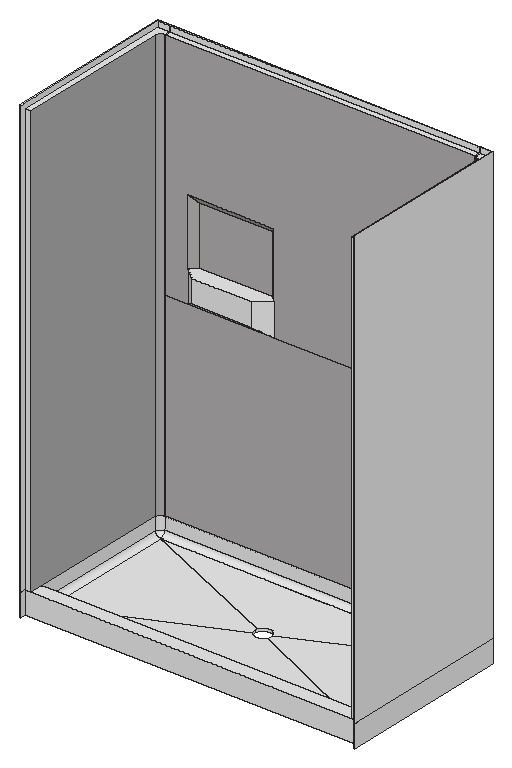
Revit family "5LBS6030", category Plumbing Fixtures, Revit 2017
Family settings
  Round Connector Dimension = Use Diameter
  Part Type = Normal
  OmniClass Number = 23.45.05.14.17
  OmniClass Title = Showers
  Work Plane-Based = No
  Always vertical = Yes
  Cut with Voids When Loaded = No
  Shared = No
  Room Calculation Point = No
Parameters (values of type "5LBS6030")
  Unit Width = 60"
  Unit Height = 82 1/4"
  URL = "http://www.bestbath.com/"
  Type Comments = "Remodeler"
  Model = "5LBS6030"
  Material [instance] = Best Bath Gelcoat Fiberglass - 4 x 8 Subway Tile
  Manufacturer = "Best Bath Systems, Inc."
  Keynote = "22 40 00.B3"
  Description = "4 x 8 Subway Tile Finish"
  Assembly Code = "D2010710"
Reference planes (in)
  plane 1 "Back": y = -0.5
  plane 2: z = 0
  plane 3 "Left": x = 0
  plane 4: x = 60
  plane 5: y = -30.5
  plane 6: z = 81.25
  plane 7: z = 0.75
  plane 8: z = 82.25
  plane 9: x = 30
  plane 10: y = -1.75
  plane 11: y = -14.5
  plane 12: z = 0.375
  plane 13: z = 4
  plane 14: z = 39.5
  plane 15: y = -31.5
  plane 16: z = 45.25
Forms (in)
  Extrusion 1, solid, material "Best Bath Gelcoat Fiberglass - Smooth"
    sketch origin (0, 0, 0) x (1, 0, 0) y (0, 1, 0)
      loop
        line (0, -0.5) -> (0, -30.5) -> (60, -30.5) -> (60, -0.5) -> (0, -0.5)
      loop
        circle (30, -14.5) r 1.5
    from 0 to 0.75
  Extrusion 2, solid, material "Best Bath Gelcoat Fiberglass - Smooth"
    sketch origin (0, 0, 0) x (1, 0, 0) y (0, 1, 0)
      loop
        line (2.25, -0.5) -> (2.25, -1.75) -> (57.75, -1.75) -> (57.75, -0.5) -> (2.25, -0.5)
    from 4 to 39.5
  Extrusion 3, solid, material "Best Bath Gelcoat Fiberglass - Smooth"
    sketch origin (0, 0, 0) x (1, 0, 0) y (0, 1, 0)
      loop
        line (0, -30.5) -> (1.25, -30.5) -> (1.25, -2.75)
        arc (1.25, -2.75) -> (1.54289, -2.04289) -> (2.25, -1.75) r 1
        line (2.25, -1.75) -> (57.75, -1.75)
        arc (57.75, -1.75) -> (58.45711, -2.04289) -> (58.75, -2.75) r 1
        line (58.75, -2.75) -> (58.75, -30.5) -> (60, -30.5) -> (60, -0.5) -> (0, -0.5) -> (0, -30.5)
    from 0 to 4
  Extrusion 4, solid, material "Best Bath Gelcoat Fiberglass - Smooth"
    sketch origin (0, 0, 0) x (1, 0, 0) y (0, 1, 0)
      loop
        line (0, -30.5) -> (1.25, -30.5) -> (1.25, -2.75)
        arc (1.25, -2.75) -> (1.54289, -2.04289) -> (2.25, -1.75) r 1
        line (2.25, -1.75) -> (2.25, -0.5) -> (0, -0.5) -> (0, -30.5)
      loop
        line (58.75, -30.5) -> (60, -30.5) -> (60, -0.5) -> (57.75, -0.5) -> (57.75, -1.75)
        arc (57.75, -1.75) -> (58.45711, -2.04289) -> (58.75, -2.75) r 1
        line (58.75, -2.75) -> (58.75, -30.5)
    from 4 to 81.25
  Sweep 5, solid, material "Best Bath Gelcoat Fiberglass - Smooth"
    path origin (0, 0, 0) x (1, 0, 0) y (0, 1, 0)
      loop
        line (1.25, -30.5) -> (1.25, -2.75)
        arc (1.25, -2.75) -> (1.54289, -2.04289) -> (2.25, -1.75) r 1
        line (2.25, -1.75) -> (57.75, -1.75)
        arc (57.75, -1.75) -> (58.45711, -2.04289) -> (58.75, -2.75) r 1
        line (58.75, -2.75) -> (58.75, -30.5)
    profile origin (1.25, -16.625, 0) x (-1, 0, 0) y (0, 0, 1)
      loop
        line (0, 0.75) -> (0, 1.7)
        arc (0, 1.7) -> (-0.27825, 1.02825) -> (-0.95, 0.75) r 0.95
        line (-0.95, 0.75) -> (0, 0.75)
  Blend 6, void
    base sketch origin (0, 0, 0) x (1, 0, 0) y (0, 1, 0)
      loop
        line (2.25, -27.5) -> (57.75, -27.5) -> (57.75, -2.75) -> (2.25, -2.75) -> (2.25, -27.5)
    top sketch origin (0, 0, 0) x (1, 0, 0) y (0, 1, 0)
      loop
        circle (30, -14.5) r 0.07155
    from 0.75 to 0.375
  Extrusion 7, solid, material "Best Bath Gelcoat Fiberglass - Smooth"
    sketch origin (0, 0, 0) x (1, 0, 0) y (0, 1, 0)
      loop
        line (2.25, -0.5) -> (2.25, -1.75) -> (57.75, -1.75) -> (57.75, -0.5) -> (2.25, -0.5)
    from 39.5 to 81.25
  Sweep 8, solid, material "Best Bath Gelcoat Fiberglass - Smooth"
    path origin (0, 0, 0) x (1, 0, 0) y (0, 1, 0)
      loop
        line (1.25, -30.5) -> (58.75, -30.5)
    profile origin (30, -30.5, 0) x (0, 1, 0) y (0, 0, 1)
      loop
        line (0, 0) -> (3.15, 0) -> (2.35, 4) -> (0, 4) -> (0, 0)
  Extrusion 9, solid, material "Best Bath Gelcoat Fiberglass - Smooth"
    sketch origin (0, 0, 0) x (1, 0, 0) y (0, 1, 0)
      loop
        line (0, -30.5) -> (0, -31.5) -> (0.125, -31.5) -> (0.125, -30.5) -> (0, -30.5)
      loop
        line (60, -30.5) -> (59.875, -30.5) -> (59.875, -31.5) -> (60, -31.5) -> (60, -30.5)
    from 0 to 4
  Extrusion 10, solid, material "Best Bath Gelcoat Fiberglass - Smooth"
    sketch origin (0, 0, 0) x (1, 0, 0) y (0, 1, 0)
      loop
        line (2.25, -0.5) -> (2.25, -0.625) -> (57.75, -0.625) -> (57.75, -0.5) -> (2.25, -0.5)
    from 81.25 to 82.25
  Extrusion 11, solid, material "Best Bath Gelcoat Fiberglass - Smooth"
    sketch origin (0, 0, 0) x (1, 0, 0) y (0, 1, 0)
      loop
        line (0, -31.5) -> (0.125, -31.5) -> (0.125, -0.625) -> (2.25, -0.625) -> (2.25, -0.5) -> (0, -0.5) -> (0, -31.5)
      loop
        line (60, -31.5) -> (60, -0.5) -> (57.75, -0.5) -> (57.75, -0.625) -> (59.875, -0.625) -> (59.875, -31.5) -> (60, -31.5)
    from 4 to 82.25
  Blend 12, void
    base sketch origin (59.5, -38.5, 0.5) x (-1, 0, 0) y (0, 0, -1)
      loop
        line (37.75, -44.75) -> (37.75, -56.5) -> (53.25, -56.5) -> (53.25, -44.75) -> (37.75, -44.75)
    top sketch origin (59.5, -38.5, 0.5) x (-1, 0, 0) y (0, 0, -1)
      loop
        line (39, -44.75) -> (39, -55.25) -> (52, -55.25) -> (52, -44.75) -> (39, -44.75)
    from -36.75 to -37.75
  Blend 13, solid, material "Best Bath Gelcoat Fiberglass - Smooth"
    base sketch origin (59.5, -38, 0.5) x (-1, 0, 0) y (0, 0, -1)
      loop
        line (53.25, -44.75) -> (53.25, -39) -> (37.75, -39) -> (37.75, -44.75) -> (53.25, -44.75)
    top sketch origin (59.5, -38, 0.5) x (-1, 0, 0) y (0, 0, -1)
      loop
        line (40.125, -44.75) -> (50.875, -44.75) -> (50.875, -40.625) -> (40.125, -40.625) -> (40.125, -44.75)
    from -36.25 to -34.25
  Blend 14, void
    base sketch origin (0.5, -38.5, 0.5) x (1, 0, 0) y (0, 0, 1)
      loop
        line (37.75, 44.75) -> (53.25, 44.75) -> (53.25, 56.5) -> (37.75, 56.5) -> (37.75, 44.75)
    top sketch origin (0.5, -38.5, 0.5) x (1, 0, 0) y (0, 0, 1)
      loop
        line (39, 44.75) -> (52, 44.75) -> (52, 55.25) -> (39, 55.25) -> (39, 44.75)
    from -36.75 to -37.75
  Blend 15, solid, material "Best Bath Gelcoat Fiberglass - Smooth"
    base sketch origin (0.5, -38, 0.5) x (1, 0, 0) y (0, 0, 1)
      loop
        line (53.25, 44.75) -> (37.75, 44.75) -> (37.75, 39) -> (53.25, 39) -> (53.25, 44.75)
    top sketch origin (0.5, -38, 0.5) x (1, 0, 0) y (0, 0, 1)
      loop
        line (40.125, 44.75) -> (40.125, 40.625) -> (50.875, 40.625) -> (50.875, 44.75) -> (40.125, 44.75)
    from -36.25 to -34.25
Cuts and joins
  Blend 6 cuts Extrusion 1
  Blend 6 cuts Extrusion 3
  Blend 6 cuts Sweep 5
  joined: Extrusion 1, Extrusion 3, Sweep 5, Sweep 8, Extrusion 9
  Blend 12, Blend 14 cuts Extrusion 7
  Blend 12, Blend 14 cuts Extrusion 10
  Blend 14 cuts Blend 13
  joined: Extrusion 7, Extrusion 10, Blend 13
  joined: Extrusion 4, Extrusion 11
Dimensions and locks (in)
  "Unit Width": plane 3 "Left" to plane 4
  locked: plane 7 to level at 0.75
  locked: plane 8 to plane 6 at 1
  "Unit Height": plane 8 to level
  plane 3 "Left" to plane 9 to plane 4 = 30", 30"
  plane 1 "Back" to plane 11 = 14"
  plane 10 to plane 1 "Back" = 1 1/4"
  locked: plane 7 to plane 12 at 0.375
  locked: plane 14 to plane 13 at 35.5
  plane 13 to level = 4"
  locked: plane 5 to plane 15 at 1
  locked: plane 15 to plane 1 "Back" at 31
  plane 16 to plane 14 = 5 3/4"
  aligned and locked: level to plane 2
  aligned and locked: Extrusion 1 to plane 7
  aligned and locked: plane 5 to Extrusion 1 sketch curve
  aligned and locked: plane 4 to Extrusion 1 sketch curve
  aligned and locked: Extrusion 2 sketch curve to Extrusion 1
  aligned and locked: Extrusion 2 sketch curve to plane 10
  aligned and locked: plane 11 to Extrusion 1 sketch curve
  aligned and locked: plane 9 to Extrusion 1 sketch curve
  aligned and locked: plane 13 to Extrusion 3
  aligned and locked: Extrusion 2 to plane 13
  aligned and locked: Extrusion 4 to Extrusion 2
  aligned and locked: plane 6 to Extrusion 4
  aligned and locked: Sweep 5 sketch curve to plane 7
  aligned and locked: plane 11 to Blend 6 sketch curve
  aligned and locked: plane 9 to Blend 6 sketch curve
  aligned and locked: Blend 6 to plane 12
  aligned and locked: Extrusion 1 to Blend 6
  aligned and locked: plane 14 to Extrusion 2
  aligned and locked: Extrusion 7 to Extrusion 2
  aligned and locked: plane 6 to Extrusion 7
  aligned and locked: Extrusion 9 to Extrusion 2
  aligned and locked: plane 8 to Extrusion 10
  aligned and locked: Extrusion 10 to plane 6
  aligned and locked: Extrusion 11 to Extrusion 2
  aligned and locked: plane 8 to Extrusion 11
Automatic sketch dimensions
  Extrusion 1 sketch curve to plane 3 "Left" = 0"
  plane 1 "Back" to Extrusion 1 sketch curve = 0"
  plane 3 "Left" to Extrusion 2 sketch curve = 2 1/4"
  plane 4 to Extrusion 2 sketch curve = 2 1/4"
  Extrusion 3 sketch curve to plane 3 "Left" = 0"
  Extrusion 3 sketch curve to plane 5 = 0"  (x2)
  Extrusion 3 sketch curve to plane 10 = 0"
  plane 1 "Back" to Extrusion 3 sketch curve = 0"
  Extrusion 3 sketch curve to plane 4 = 0"
  plane 3 "Left" to Extrusion 3 sketch curve = 1 1/4"
  Extrusion 3 sketch curve to plane 10 = 1"
  plane 4 to Extrusion 3 sketch curve = 2 1/4"
  plane 4 to Extrusion 3 sketch curve = 1 1/4"
  Extrusion 4 sketch curve to plane 3 "Left" = 0"
  Extrusion 4 sketch curve to plane 5 = 0"  (x2)
  Extrusion 4 sketch curve to plane 10 = 0"  (x2)
  plane 1 "Back" to Extrusion 4 sketch curve = 0"  (x2)
  Extrusion 4 sketch curve to plane 4 = 0"
  plane 3 "Left" to Extrusion 4 sketch curve = 1 1/4"
  Extrusion 4 sketch curve to plane 10 = 1"  (x2)
  Extrusion 4 sketch curve to Extrusion 4 sketch curve = 2 1/4"
  Sweep 5 sketch curve to plane 5 = 0"  (x2)
  Sweep 5 sketch curve to plane 10 = 0"
  plane 3 "Left" to Sweep 5 sketch curve = 1 1/4"
  Sweep 5 sketch curve to Sweep 5 sketch curve = 1"
  Sweep 5 sketch curve to plane 10 = 1"
  plane 4 to Sweep 5 sketch curve = 2 1/4"
  Sweep 5 sketch curve to profile plane = 0"
  profile plane to Sweep 5 sketch curve = 0.95"
  Blend 6 sketch curve to plane 10 = 1"
  plane 3 "Left" to Blend 6 sketch curve = 2 1/4"
  plane 4 to Blend 6 sketch curve = 2 1/4"
  plane 5 to Blend 6 sketch curve = 3"
  plane 1 "Back" to Extrusion 7 sketch curve = 0"
  Extrusion 7 sketch curve to plane 10 = 0"
  plane 3 "Left" to Extrusion 7 sketch curve = 2 1/4"
  plane 4 to Extrusion 7 sketch curve = 2 1/4"
  Sweep 8 sketch curve to plane 5 = 0"
  plane 3 "Left" to Sweep 8 sketch curve = 1 1/4"
  plane 4 to Sweep 8 sketch curve = 1 1/4"
  Extrusion 9 sketch curve to plane 3 "Left" = 0"
  Extrusion 9 sketch curve to plane 15 = 0"  (x2)
  Extrusion 9 sketch curve to plane 5 = 0"  (x2)
  Extrusion 9 sketch curve to plane 4 = 0"
  plane 3 "Left" to Extrusion 9 sketch curve = 1/8"
  Extrusion 9 sketch curve to Extrusion 9 sketch curve = 1/8"
  plane 1 "Back" to Extrusion 10 sketch curve = 0"
  plane 1 "Back" to Extrusion 10 sketch curve = 1/8"
  plane 3 "Left" to Extrusion 10 sketch curve = 2 1/4"
  plane 4 to Extrusion 10 sketch curve = 2 1/4"
  Extrusion 11 sketch curve to plane 3 "Left" = 0"
  Extrusion 11 sketch curve to plane 15 = 0"  (x2)
  plane 1 "Back" to Extrusion 11 sketch curve = 0"  (x2)
  Extrusion 11 sketch curve to plane 4 = 0"
  plane 3 "Left" to Extrusion 11 sketch curve = 1/8"
  plane 1 "Back" to Extrusion 11 sketch curve = 1/8"  (x2)
  Extrusion 11 sketch curve to Extrusion 11 sketch curve = 2 1/8"
  Extrusion 11 sketch curve to Extrusion 11 sketch curve = 2 1/4"
  Extrusion 11 sketch curve to Extrusion 11 sketch curve = 1/8"
  Blend 12 sketch curve to plane 16 = 0"  (x2)
  plane 9 to Blend 12 sketch curve = 8 1/4"
  plane 3 "Left" to Blend 12 sketch curve = 6 1/4"
  plane 16 to Blend 12 sketch curve = 11 3/4"
  plane 9 to Blend 12 sketch curve = 9 1/2"
  plane 3 "Left" to Blend 12 sketch curve = 7 1/2"
  plane 16 to Blend 12 sketch curve = 10 1/2"
  Blend 13 sketch curve to plane 16 = 0"  (x2)
  Blend 13 sketch curve to plane 14 = 0"
  plane 9 to Blend 13 sketch curve = 8 1/4"
  plane 3 "Left" to Blend 13 sketch curve = 6 1/4"
  plane 14 to Blend 13 sketch curve = 1 5/8"
  plane 9 to Blend 13 sketch curve = 10 5/8"
  plane 3 "Left" to Blend 13 sketch curve = 8 5/8"
  Blend 14 sketch curve to plane 16 = 0"  (x2)
  Blend 14 sketch curve to plane 9 = 8 1/4"
  plane 4 to Blend 14 sketch curve = 6 1/4"
  plane 16 to Blend 14 sketch curve = 11 3/4"
  Blend 14 sketch curve to plane 9 = 9 1/2"
  plane 4 to Blend 14 sketch curve = 7 1/2"
  plane 16 to Blend 14 sketch curve = 10 1/2"
  Blend 15 sketch curve to plane 16 = 0"  (x2)
  Blend 15 sketch curve to plane 14 = 0"
  Blend 15 sketch curve to plane 9 = 8 1/4"
  plane 4 to Blend 15 sketch curve = 6 1/4"
  plane 14 to Blend 15 sketch curve = 1 5/8"
  Blend 15 sketch curve to plane 9 = 10 5/8"
  plane 4 to Blend 15 sketch curve = 8 5/8"
  Sweep 8 sketch curve to profile plane = 0"  (x2)
  Sweep 8 sketch curve to profile plane = 2.35"
  Sweep 8 sketch curve to profile plane = 3.15"
  profile plane to Sweep 8 sketch curve = 4"
  radius of Extrusion 1 sketch curve = 1 1/2"
  radius of Blend 6 sketch curve = 0.07155"
